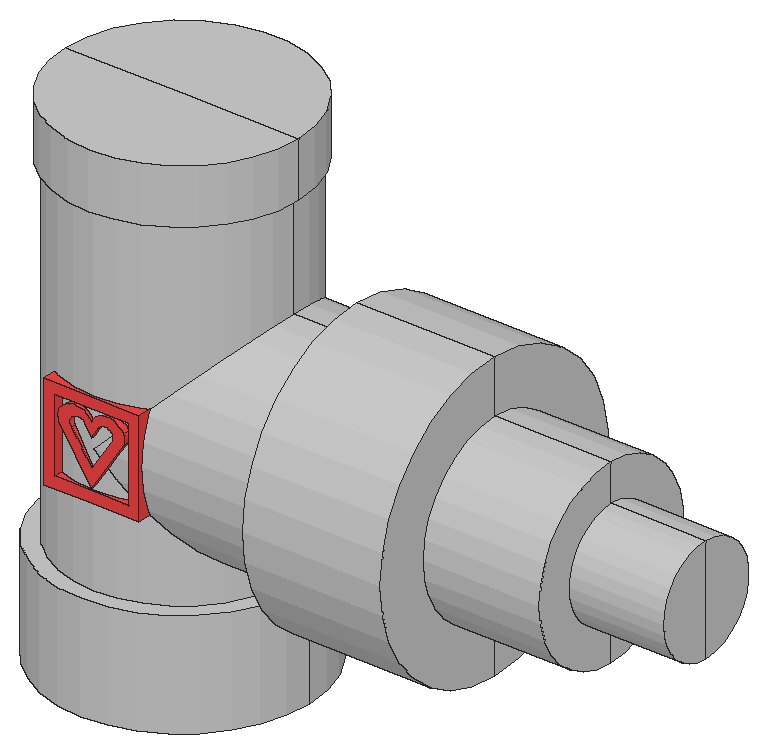
Revit family "RL-1 Rücklaufventil Eck 3724", category Rohrzubehör, Revit 2021
Family settings
  Bemaßung runder Anschluss = Durchmesser verwenden
  Teiletyp = Unterbricht
  OmniClass-Nummer = 23.65.55.14
  OmniClass-Titel = Valves for Liquid Services
  Arbeitsebenenbasiert = Nein
  Immer vertikal = Nein
  Beim Laden mit Abzugskörper schneiden = Nein
  Gemeinsam genutzt = Nein
Parameters
  Vorgabe-Ansicht = 0.000 mm
  URL = "www.herz-armaturen.at"
  SCRNSEQ = "ARM;ARM_TYP=\"ALLF\";2"
  SCRNCODE = "05;01;02"  # constant formula
  S04 = 45.000 mm  # constant formula
  S03 [instance] = H02 - 5.000 mm + 41.000 mm  # 60.500 mm
  S02 [instance] = L04 + L03 - L02  # 25.500 mm
  S01 = 10.000 mm  # constant formula
  R06 = 11.000 mm  # constant formula
  Nennweite [instance] = 10.000 mm
  Medium = "Heizwasserqualität entsprechend ÖNORM H 5195 bzw. VDI-Richtllinie 2035."
  Max.Betriebstemperatur = 120 °C  # constant formula
  Max.Betriebsdruck = 1000000.0 Pa  # constant formula
  LO1 [instance] = R01 - 0.500 mm  # 10.000 mm
  L04 [instance] = size_lookup("3724_1_", "L4", 1.000 mm, Nennweite)  # 20.000 mm
  L03 [instance] = size_lookup("3724_1_", "L3", 1.000 mm, Nennweite)  # 13.000 mm
  L02 [instance] = size_lookup("3724_1_", "L2", 1.000 mm, Nennweite)  # 7.500 mm
  L01 [instance] = size_lookup("3724_1_", "L1", 1.000 mm, Nennweite)  # 24.000 mm
  Hersteller = "HERZ Armaturen Ges.m.b.H."  # constant formula
  H05 = 5.200 mm  # constant formula
  H04 = 25.500 mm  # constant formula
  H03 [instance] = size_lookup("3724_1_", "H3", 1.000 mm, Nennweite)  # 10.000 mm
  H02 [instance] = 24.500 mm  # constant formula
  H01 [instance] = size_lookup("3724_1_", "H1", 1.000 mm, Nennweite)  # 22.000 mm
  Gehäuse = "vernickeltes Messing"  # constant formula
  GT1 [instance] = size_lookup("3724_1_", "GT1", 1.000 mm, Nennweite)  # 9.000 mm
  GT [instance] = size_lookup("3724_1_", "GT", 1.000 mm, Nennweite)  # 9.500 mm
  G2 [instance] = Nennweite / 2  # 5.000 mm
  G1 [instance] = Nennweite / 2  # 5.000 mm
  R01 = 10.500 mm  # constant formula
  D05 [instance] = size_lookup("3724_1_", "D5", 1.000 mm, Nennweite)  # 8.500 mm
  D04 [instance] = size_lookup("3724_1_", "D4", 1.000 mm, Nennweite)  # 13.500 mm
  D03 [instance] = R01  # 10.500 mm
  D02 [instance] = size_lookup("3724_1_", "D2", 1.000 mm, Nennweite)  # 7.940 mm
  D01 [instance] = size_lookup("3724_1_", "D1", 1.000 mm, Nennweite)  # 12.000 mm
  Bestellnummer [instance] = size_lookup("3724_1_", "Artnr", 0, Nennweite)  # 1372440
  Ausführungen = "Alle Modelle werden in vernickelter Ausführung geliefert und sind Universalmodelle mit Spezialmuffe für\r\nGewinderohr und Klemmsetanschluß."
  Anwendungsgebiet = "Warmwasserheizungsanlagen.\r\nDurch Einbau des Rücklaufventils ist der Heizkörper-Rücklaufanschluß absperrbar.\r\nDadurch kann bei gleichzeitiger Absperrung des Vorlaufventils der Heizkörper bei unter Druck stehender Anlage demontiert werden.\r\nEs ist dann möglich, Servicearbeiten oder Arbeiten an der Wand hinter dem Heizkörper (Tapezierung, Verfl iesung) durchzuführen, ohne die übrige Anlage stillsetzen zu müssen.\r\nIst eine Voreinstellung des Rücklaufventils oder Füllen und Entleeren von Heizkörper oder Anlage über das Rücklaufventil gefordert, wird der Einbau des Rücklaufventils HERZ-RL-5 empfohlen."
Reference planes
  plane 1 "Mitte (Vorne/hinten)": y = 0
  plane 2: z = 0
  plane 3 "Mitte (Links/rechts)": x = 0
Forms (mm)
  Revolve 1, solid, material "Messing, weicher Gelbton, geschweißt", detail levels fine
    sketch origin (0, 0, 0) x (1, 0, 0) y (0, 0, 1)
      loop
        line (0, 24.5) -> (-10.5, 24.5) -> (-10.5, -12) -> (-12, -12) -> (-12, -22) -> (-5, -22) -> (-5, -12.5) -> (0, -12.5) -> (0, 24.5)
      axis (0, 24.5) -> (0, -22)
    angle from 0 to 360
  Revolve 2, solid, material "Messing, weicher Gelbton, geschweißt", detail levels fine
    sketch origin (0, 0, 0) x (1, 0, 0) y (0, 0, 1)
      loop
        line (0, 0) -> (24, 0) -> (24, 7.94) -> (16.5, 7.94) -> (16.5, 10.5) -> (0, 10.5) -> (0, 0)
      axis (0, 0) -> (24, 0)
    angle from 0 to 360
  Revolve 3, solid, material "Messing, weicher Gelbton, geschweißt", detail levels fine
    sketch origin (-1, 0, 0) x (1, 0, 0) y (0, 0, 1)
      loop
        line (25, 0) -> (50.5, 0) -> (50.5, 5) -> (41.5, 5) -> (41.5, 8.5) -> (30.5, 8.5) -> (30.5, 13.5) -> (17.5, 13.5) -> (17.5, 7.94) -> (25, 7.94) -> (25, 0)
      axis (17.5, 0) -> (50.5, 0)
    angle from 0 to 360
  Revolve 4, solid, material "Messing, weicher Gelbton, geschweißt", detail levels fine
    sketch origin (0, 0, 0) x (1, 0, 0) y (0, 0, 1)
      loop
        line (0, 20.3) -> (11, 20.3) -> (11, 25.5) -> (0, 25.5) -> (0, 20.3)
      axis (0, 25.5) -> (0, 20.3)
    angle from 0 to 360
Lines and regions (mm)
  model lines, detail levels coarse+medium
    curve 1: line (0, 0, 0) -> (12, 0, -22)
    curve 2: line (12, 0, -22) -> (-12, 0, -22)
    curve 3: line (-12, 0, -22) -> (0, 0, 0)
    curve 4: line (0, 0, 0) -> (24, 0, 13.5)
    curve 5: line (24, 0, 13.5) -> (24, 0, -13.5)
    curve 6: line (24, 0, -13.5) -> (0, 0, 0)
    curve 7: line (24, 0, 13.5) -> (34, 0, 13.5)
    curve 8: line (34, 0, 13.5) -> (24, 0, 0)
    curve 9: line (24, 0, -13.5) -> (34, 0, -13.5)
    curve 10: line (34, 0, -13.5) -> (24, 0, 0)
    curve 11: line (24, 0, 0) -> (49.5, 0, 0)
    curve 12: line (0, 0, 0) -> (12, -22, 0)
    curve 13: line (12, -22, 0) -> (-12, -22, 0)
    curve 14: line (-12, -22, 0) -> (0, 0, 0)
    curve 15: line (0, 0, 0) -> (24, 13.5, 0)
    curve 16: line (24, 13.5, 0) -> (24, -13.5, 0)
    curve 17: line (24, -13.5, 0) -> (0, 0, 0)
    curve 18: line (24, 13.5, 0) -> (34, 13.5, 0)
    curve 19: line (34, 13.5, 0) -> (24, 0, 0)
    curve 20: line (24, -13.5, 0) -> (34, -13.5, 0)
    curve 21: line (24, 0, 0) -> (34, -13.5, 0)
Dimensions and locks
  "H02": Revolve 1 sketch curve to plane 2
  "H01": plane 2 to Revolve 1 sketch curve
  "R01": Revolve 1 sketch curve to Revolve 1 sketch curve
  "G1": Revolve 1 sketch curve to Revolve 1 sketch curve
  "D01": Revolve 1 sketch curve to Revolve 1 sketch curve
  "GT": Revolve 1 sketch curve to Revolve 1 sketch curve
  "H03": Revolve 1 sketch curve to Revolve 1 sketch curve
  "D02": Revolve 2 sketch curve to Revolve 2 sketch curve
  "D03": Revolve 2 sketch curve to Revolve 2 sketch curve
  "L01": Revolve 2 sketch curve to Revolve 2 sketch curve
  "L02": Revolve 2 sketch curve to Revolve 2 sketch curve
  "LO1": nested 1 to plane 1 "Mitte (Vorne/hinten)"
  "L02": Revolve 3 sketch curve to Revolve 3 sketch curve
  "L03": Revolve 3 sketch curve to Revolve 3 sketch curve
  "L04": Revolve 3 sketch curve to Revolve 3 sketch curve
  "D04": Revolve 3 sketch curve to Revolve 3 sketch curve
  "G2": Revolve 3 sketch curve to Revolve 3 sketch curve
  "D05": Revolve 3 sketch curve to Revolve 3 sketch curve
  "GT1": Revolve 3 sketch curve to Revolve 3 sketch curve
  "L01": plane 3 "Mitte (Links/rechts)" to Revolve 3 sketch curve
  "D02": Revolve 3 sketch curve to plane 2
  "H01": plane 2 to curve 2
  "L01": curve 5 to plane 3 "Mitte (Links/rechts)"
  "D01": curve 2 to plane 3 "Mitte (Links/rechts)" to curve 3
  "D04": curve 5 to plane 2 to curve 6
  "S01": curve 5 to curve 8
  "S01": curve 5 to curve 10
  "S02": curve 11 to curve 11
  "H01": curve 13 to plane 1 "Mitte (Vorne/hinten)"
  "D01": curve 14 to plane 3 "Mitte (Links/rechts)" to curve 13
  "L01": plane 3 "Mitte (Links/rechts)" to curve 16
  "D04": curve 17 to plane 1 "Mitte (Vorne/hinten)" to curve 16
  "S01": curve 16 to curve 19
  "S01": curve 16 to curve 21
  "R06": Revolve 4 sketch curve to Revolve 4 sketch curve
  "H04": Revolve 4 sketch curve to plane 2
  "H05": Revolve 4 sketch curve to Revolve 4 sketch curve
  aligned and locked: level to plane 2
Automatic sketch dimensions
  curve 4 to level = 0.000 mm
  curve 4 to plane 3 "Mitte (Links/rechts)" = 0.000 mm
  curve 11 to level = 0.000 mm
  curve 8 to level = 0.000 mm
  plane 1 "Mitte (Vorne/hinten)" to curve 14 = 0.000 mm
  curve 14 to plane 3 "Mitte (Links/rechts)" = 0.000 mm
  plane 1 "Mitte (Vorne/hinten)" to curve 19 = 0.000 mm
  Revolve 1 sketch curve to plane 3 "Mitte (Links/rechts)" = 0.000 mm  (x2)
  Revolve 1 sketch curve to Revolve 1 sketch curve = 345.545 mm
  Revolve 1 sketch curve to Revolve 1 sketch curve = 2189.815 mm
  Revolve 2 sketch curve to level = 0.000 mm  (x2)
  Revolve 2 sketch curve to plane 3 "Mitte (Links/rechts)" = 0.000 mm
  Revolve 2 sketch curve to plane 3 "Mitte (Links/rechts)" = 1506.530 mm
  Revolve 2 sketch curve to Revolve 2 sketch curve = 1815.148 mm
  Revolve 3 sketch curve to level = 0.000 mm  (x2)
  Revolve 3 sketch curve to plane 3 "Mitte (Links/rechts)" = 1507.530 mm
  Revolve 3 sketch curve to Revolve 3 sketch curve = 1789.648 mm
  Revolve 4 sketch curve to plane 3 "Mitte (Links/rechts)" = 0.000 mm  (x2)
  Revolve 4 sketch curve to level = 366.045 mm
  Revolve 4 sketch curve to Revolve 4 sketch curve = 2190.315 mm
Nested families
  nested 1: "Herz-Logo-vorne" at (0, -10, 0) x (0, -1, 0) z (0, 0, 1), type "Herz-Logo-vorne", detail levels fine
Connectors
  piping at (0, 0, -12.5), diameter 10, driven by "Nennweite"
    settings: on Revolve 1, index 1, connector inside diameter 609.6 mm, connector length 0.000 mm, flow factor 0, pipe flow 0.0 L/s, pressure drop 0.0 Pa, fitting loss kfactor 0, connector angle 0.00°, fixture units 0, engagement length 0.000 mm, angle of deflection 0.00°, flow configuration 0, flow direction 1, fitting loss method 0, system type 8, joint type 0, gender type 0, connector reference index -1, connector utility 0, adjustable connector no, is connector primary yes, connector description ""
  piping at (49.5, 0, 0), diameter 10, driven by "Nennweite"
    settings: on Revolve 3, index 2, connector inside diameter 609.6 mm, connector length 0.000 mm, flow factor 0, pipe flow 0.0 L/s, pressure drop 0.0 Pa, fitting loss kfactor 0, connector angle 0.00°, fixture units 0, engagement length 0.000 mm, angle of deflection 0.00°, flow configuration 0, flow direction 2, fitting loss method 0, system type 8, joint type 0, gender type 0, connector reference index -1, connector utility 0, adjustable connector no, is connector primary no, connector description ""
Definition of nested family "Herz-Logo-vorne"
  Parameters (values of type "Herz-Logo-vorne")
    Default Elevation = 0.000 mm
  Reference planes
    plane 1 "Mitte (Vorne/hinten)": y = 0
    plane 2: z = 0
    plane 3 "Mitte (Links/rechts)": x = 0
  Forms (mm)
    Extrusion 1, solid
      sketch origin (0.732, -0.018, 0.017) x (0, -1, 0) y (0, 0, 1)
        loop
          line (-0.018, -4.517) -> (4.482, -4.517) -> (4.482, 4.483) -> (-4.518, 4.483) -> (-4.518, -4.517) -> (-0.018, -4.517)
        loop
          line (-0.05, -3.48) -> (3.482, -3.48) -> (3.482, 3.483) -> (-3.518, 3.483) -> (-3.518, -3.48) -> (-0.05, -3.48)
        loop
          arc (-0.018, 2.383) -> (-1.543, 3.287) -> (-3.067, 2.383) r 1.738
          arc (-3.067, 2.383) -> (-3.191, 1.899) -> (-3.067, 1.415) r 1.009
          line (-3.067, 1.415) -> (-0.018, -3.281) -> (3.032, 1.415)
          arc (3.032, 1.415) -> (3.156, 1.899) -> (3.032, 2.383) r 1.009
          arc (3.032, 2.383) -> (1.507, 3.287) -> (-0.018, 2.383) r 1.738
        loop
          arc (1.885, 1.272) -> (2.005, 1.675) -> (1.885, 2.079) r 0.74
          arc (1.885, 2.079) -> (1.265, 2.416) -> (0.644, 2.079) r 0.74
          line (0.644, 2.079) -> (-0.018, 0.97) -> (-0.679, 2.079)
          arc (-0.679, 2.079) -> (-1.3, 2.416) -> (-1.921, 2.079) r 0.74
          arc (-1.921, 2.079) -> (-2.04, 1.675) -> (-1.921, 1.272) r 0.74
          line (-1.921, 1.272) -> (-0.018, -1.658) -> (1.885, 1.272)
      from 0 to 1.5
  Dimensions and locks
    aligned and locked: level to plane 2
